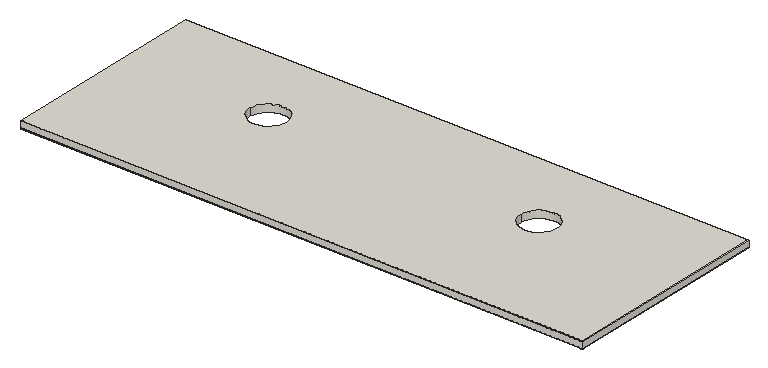
Revit family "Furniture-Counter_Top-KOHLER-Landshapes-K-32316_1", category Specialty Equipment, host Face, Revit 2021
Family settings
  Host = Face
  Round Connector Dimension = Use Diameter
  Part Type = Normal
  OmniClass Number = 23.31.25.00
  OmniClass Title = Toilet and Bath Specialties
  Cut with Voids When Loaded = No
  Shared = No
  Room Calculation Point = No
Parameters (values of type "HEL-Liquid Shell")
  Width = 61.14173"  # constant formula
  WaterSense Certified = 1 = 0  # no
  URL = "https://www.us.kohler.com/us/"
  Type = 1
  Product Page URL = "http://www.us.kohler.com/us/catalog/productDetails.jsp?productNumber=32316"
  Product Name = "Landshapes"  # constant formula
  Product Documentation Link = "https://www.us.kohler.com/webassets/kpna/catalog/pdf/en/K-32316_spec_US-CA_Kohler_en.pdf"
  Model = if(Type = 1, "K-32316-HEL", "NA")  # "K-32316-HEL"
  Material = "Solid Surface"  # constant formula
  Master Format 2014 Name = "Toilet, Bath, and Laundry Accessories"  # constant formula
  Master Format 2014 = "10 28 00"  # constant formula
  Manufacturer Address = "444 Highland Dr, Kohler, WI 53044"  # constant formula
  Manufacturer = "Kohler Co."  # constant formula
  Length = 22.40157"  # constant formula
  Height = 0.7874"  # constant formula
  Finish = KOHLER-Quartz-HEL-Liquid_Shell
  Environmental Product Declaration = ""
  Description = "60 Inches silestone Top Daniel Arsham"  # constant formula
  Default Elevation = 36"
  Declare Label = ""
  Date Modified = "04/12/2024"  # constant formula
  Date Created = "04/12/2024"  # constant formula
  Copyright = "Copyright Kohler Co."  # constant formula
  Contact Us = "https://www.us.kohler.com/us/static/contact.jsp"
  Assembly Code = "C1030200"
  ADA Compliant = 1 = 0  # no
Reference planes (in)
  plane 1 "Center (Front/Back)": y = 0
  plane 2: z = 0
  plane 3 "Center (Left/Right)": x = 0
  plane 4: y = 11.20079
  plane 5: y = -11.20079
  plane 6: x = -30.57087
  plane 7: y = 2.65748
  plane 8: z = 0.7874
  plane 9: x = 30.57087
  plane 10: x = -14.70472
  plane 11: x = 14.70472
Dimensions and locks (in)
  "Length": plane 4 to plane 5
  plane 7 to plane 5 = 13.85827"
  "Height": plane 8 to level
  "Width": plane 6 to plane 9
  aligned and locked: plane 2 to host face
  aligned and locked: level to host face
  aligned and locked: plane 3 "Center (Left/Right)" to nested 1
  aligned and locked: plane 6 to nested 1
Automatic sketch dimensions
  host sketch curve to host sketch curve = 96"  (x2)
Nested families (in)
  nested 1: "K-32316" at (0, 0, 0), type "K-32316"
Definition of nested family "K-32316"
  Parameters (values of type "K-32316")
    Material = none
    Default Elevation = 0"
  Reference planes (in)
    plane 1 "Center (Front/Back)": y = 0
    plane 2: z = 0
    plane 3 "Center (Left/Right)": x = 0
    plane 4: y = 11.20079
    plane 5: y = -11.20079
    plane 6: y = 2.65748
    plane 7: x = -30.57087
    plane 8: x = 30.57087
    plane 9: z = 0.7874
    plane 10: x = -30.57087
    plane 11: x = 30.57087
    plane 12: x = 14.70472
    plane 13: x = -14.70472
  Forms (in)
    Sweep 1, solid, material <- "Material", detail levels medium+fine
      path origin (0, 0, 0) x (1, 0, 0) y (0, 1, 0)
        loop
          line (30.57087, -11.20079) -> (30.57087, 11.20079) -> (-30.57087, 11.20079) -> (-30.57087, -11.20079) -> (30.57087, -11.20079)
      profile origin (0, -11.20079, 0) x (0, -1, 0) y (0, 0, 1)
        loop
          line (0, 0.059) -> (0, 0.7284) -> (-0.059, 0.7874) -> (-0.104, 0.7874) -> (-0.104, 0) -> (-0.059, 0) -> (0, 0.059)
    Extrusion 2, solid, material <- "Material", detail levels medium+fine
      sketch origin (0, 0, 0) x (1, 0, 0) y (0, 1, 0)
        loop
          circle (14.70484, 2.6378) r 1.9685
        loop
          line (30.46687, 11.09679) -> (-30.46687, 11.09679) -> (-30.46687, -11.09679) -> (30.46687, -11.09679) -> (30.46687, 11.09679)
        loop
          circle (-14.70484, 2.6378) r 1.9685
      from 0 to 0.7874
    Extrusion 3, solid, material <- "Material", detail levels coarse
      sketch origin (0, 0, 0) x (1, 0, 0) y (0, 1, 0)
        loop
          line (-30.57087, -11.20079) -> (30.57087, -11.20079) -> (30.57087, 11.20079) -> (-30.57087, 11.20079) -> (-30.57087, -11.20079)
        loop
          circle (14.70472, 2.6378) r 1.9685
        loop
          circle (-14.70472, 2.6378) r 1.9685
      from 0 to 0.7874
  Cuts and joins
    joined: Sweep 1, Extrusion 2
  Lines and regions (in)
    Masking region 1
      outline origin (0, 0, 0) x (1, 0, 0) y (0, 1, 0)
        loop
          line (-30.57087, 11.14179) -> (-30.57087, 0) -> (-30.57087, -11.14179) -> (-30.51187, -11.20079) -> (30.51187, -11.20079) -> (30.57087, -11.14179) -> (30.57087, 0) -> (30.57087, 11.14179) -> (30.51187, 11.20079) -> (-30.51187, 11.20079) -> (-30.57087, 11.14179)
        loop
          circle (14.7019, 2.6378) r 1.9685
        loop
          circle (-14.7019, 2.6378) r 1.9685
    Masking region 2
      outline origin (0, 0, 0) x (1, 0, 0) y (0, 0, 1)
        loop
          line (0, 0) -> (30.51187, 0) -> (30.57087, 0.059) -> (30.57087, 0.7284) -> (30.51187, 0.7874) -> (0, 0.7874) -> (-30.51187, 0.7874) -> (-30.57087, 0.7284) -> (-30.57087, 0.059) -> (-30.51187, 0) -> (0, 0)
    Masking region 3
      outline origin (0, 0, 0) x (0, 1, 0) y (0, 0, 1)
        loop
          line (11.20079, 0.7284) -> (11.14179, 0.7874) -> (-11.16147, 0.7874) -> (-11.20079, 0.74809) -> (-11.20079, 0.03931) -> (-11.16147, 0) -> (11.14179, 0) -> (11.20079, 0.059) -> (11.20079, 0.7284)
    symbolic lines, detail levels medium+fine
      curve 1: line (-30.51187, -11.14179, 0) -> (-30.51187, 11.14179, 0)
      curve 2: line (-30.51187, -11.14179, 0) -> (30.51187, -11.14179, 0)
      curve 3: line (-30.51187, 11.14179, 0) -> (30.51187, 11.14179, 0)
      curve 4: line (30.51187, -11.14179, 0) -> (30.51187, 11.14179, 0)
      curve 5: line (30.51187, 11.14179, 0) -> (30.54137, 11.17129, 0)
      curve 6: line (30.51187, -11.14179, 0) -> (30.54137, -11.17129, 0)
      curve 7: line (-30.51187, -11.14179, 0) -> (-30.54137, -11.17129, 0)
      curve 8: line (-30.51187, 11.14179, 0) -> (-30.54137, 11.17129, 0)
      curve 9: line (-30.51187, 0, 0.059) -> (-30.51187, 0, 0.7284)
      curve 10: line (30.51187, 0, 0.059) -> (-30.51187, 0, 0.059)
      curve 11: line (30.51187, 0, 0.7284) -> (-30.51187, 0, 0.7284)
      curve 12: line (30.51187, 0, 0.7284) -> (30.51187, 0, 0.059)
      curve 13: line (30.51187, 0, 0.7284) -> (30.54137, 0, 0.7579)
      curve 14: line (30.51187, 0, 0.059) -> (30.54137, 0, 0.0295)
      curve 15: line (-30.51187, 0, 0.7284) -> (-30.54137, 0, 0.7579)
      curve 16: line (-30.51187, 0, 0.059) -> (-30.54137, 0, 0.0295)
      curve 17: line (0, -11.16147, 0.7284) -> (0, 11.14179, 0.7284)
      curve 18: line (0, 11.14179, 0.7284) -> (0, 11.14179, 0.059)
      curve 19: line (0, -11.16147, 0.059) -> (0, 11.14179, 0.059)
      curve 20: line (0, -11.16147, 0.059) -> (0, -11.16147, 0.7284)
      curve 21: line (0, -11.16147, 0.7284) -> (0, -11.18113, 0.76774)
      curve 22: line (0, -11.16147, 0.059) -> (0, -11.18113, 0.01966)
      curve 23: line (0, 11.14179, 0.7284) -> (0, 11.17129, 0.7579)
      curve 24: line (0, 11.14179, 0.059) -> (0, 11.17129, 0.0295)
  Dimensions and locks (in)
    plane 4 to plane 5 = 22.40157"
    plane 6 to plane 5 = 13.85827"
    equal spacing: plane 7, plane 3 "Center (Left/Right)", plane 8
    plane 10 to plane 3 "Center (Left/Right)" = 30.57087"
    plane 12 to plane 11 = 15.86614"
    plane 13 to plane 12 = 29.40945"
    aligned and locked: level to plane 2
    aligned and locked: plane 7 to plane 10
  Automatic sketch dimensions
    curve 22 to plane 5 = 0.03931"
    curve 18 to plane 4 = 0.059"
    level to curve 20 = 0.059"
    curve 20 to plane 9 = 0.059"
    curve 21 to plane 5 = 0.01966"
    curve 22 to plane 5 = 0.01966"
    curve 24 to plane 4 = 0.0295"
    curve 23 to plane 4 = 0.0295"
    level to curve 24 = 0.0295"
    level to curve 22 = 0.01966"
    curve 23 to plane 9 = 0.0295"
    curve 21 to plane 9 = 0.01966"
    plane 7 to curve 10 = 0.059"
    plane 8 to curve 13 = 0.059"
    level to curve 10 = 0.059"
    curve 13 to plane 9 = 0.059"
    plane 7 to curve 16 = 0.0295"
    plane 7 to curve 15 = 0.0295"
    plane 8 to curve 14 = 0.0295"
    plane 8 to curve 13 = 0.0295"
    level to curve 16 = 0.0295"
    level to curve 14 = 0.0295"
    curve 15 to plane 9 = 0.0295"
    curve 13 to plane 9 = 0.0295"
    plane 7 to curve 8 = 0.059"
    plane 8 to curve 5 = 0.059"
    curve 2 to plane 5 = 0.059"
    curve 8 to plane 4 = 0.059"
    plane 7 to curve 8 = 0.0295"
    plane 7 to curve 7 = 0.0295"
    plane 8 to curve 6 = 0.0295"
    plane 8 to curve 5 = 0.0295"
    curve 7 to plane 5 = 0.0295"
    curve 6 to plane 5 = 0.0295"
    curve 8 to plane 4 = 0.0295"
    curve 5 to plane 4 = 0.0295"
    plane 5 to Sweep 1 sketch curve = 0"
    Sweep 1 sketch curve to plane 7 = 0"
    Sweep 1 sketch curve to plane 4 = 0"
    Sweep 1 sketch curve to plane 8 = 0"
    Sweep 1 sketch curve to level = 0"
    Sweep 1 sketch curve to profile plane = 0"
    profile plane to Sweep 1 sketch curve = 0.059"  (x2)
    Sweep 1 sketch curve to Sweep 1 sketch curve = 0.045"
    level to Sweep 1 sketch curve = 0.059"
    Sweep 1 sketch curve to Sweep 1 sketch curve = 0.6694"
    Sweep 1 sketch curve to Sweep 1 sketch curve = 0.059"
    Masking region 2 sketch curve to plane 7 = 0"
    Masking region 2 sketch curve to level = 0"
    Masking region 2 sketch curve to plane 3 "Center (Left/Right)" = 0"  (x2)
    plane 8 to Masking region 2 sketch curve = 0"
    plane 9 to Masking region 2 sketch curve = 0"
    plane 7 to Masking region 2 sketch curve = 0.059"  (x2)
    plane 8 to Masking region 2 sketch curve = 0.059"  (x2)
    level to Masking region 2 sketch curve = 0.059"  (x2)
    Masking region 2 sketch curve to plane 9 = 0.059"  (x2)
    Masking region 3 sketch curve to plane 5 = 0"
    Masking region 3 sketch curve to level = 0"
    Masking region 3 sketch curve to plane 4 = 0"
    plane 9 to Masking region 3 sketch curve = 0"
    Masking region 3 sketch curve to plane 5 = 0.03931"  (x2)
    Masking region 3 sketch curve to plane 4 = 0.059"  (x2)
    level to Masking region 3 sketch curve = 0.03931"
    level to Masking region 3 sketch curve = 0.059"
    Masking region 3 sketch curve to plane 9 = 0.059"
    Masking region 3 sketch curve to plane 9 = 0.03931"
    Masking region 3 sketch curve to Masking region 3 sketch curve = 0"
    Masking region 1 sketch curve to Masking region 1 sketch curve = 0"  (x4)
    Masking region 1 sketch curve to plane 7 = 0"
    Masking region 1 sketch curve to plane 4 = 0"
    plane 5 to Masking region 1 sketch curve = 0"
    Masking region 1 sketch curve to plane 8 = 0"
    plane 1 "Center (Front/Back)" to Masking region 1 sketch curve = 0"  (x2)
    plane 7 to Masking region 1 sketch curve = 0.059"  (x2)
    Masking region 1 sketch curve to plane 13 = 0.00282"
    plane 12 to Masking region 1 sketch curve = 0.00282"
    plane 8 to Masking region 1 sketch curve = 0.059"  (x2)
    Masking region 1 sketch curve to plane 5 = 0.059"  (x2)
    Masking region 1 sketch curve to plane 6 = 0.01969"  (x2)
    Masking region 1 sketch curve to plane 4 = 0.059"  (x2)
    plane 13 to Masking region 1 sketch curve = 1.96568"
    Masking region 1 sketch curve to Masking region 1 sketch curve = 1.9685"
    Extrusion 3 sketch curve to Extrusion 3 sketch curve = 0"  (x4)
    Extrusion 3 sketch curve to plane 4 = 0"
    Extrusion 3 sketch curve to plane 7 = 0"
    Extrusion 3 sketch curve to plane 13 = 0"
    Extrusion 3 sketch curve to plane 12 = 0"
    Extrusion 3 sketch curve to plane 8 = 0"
    plane 5 to Extrusion 3 sketch curve = 0"
    Extrusion 3 sketch curve to plane 6 = 0.01969"  (x2)
    Extrusion 3 sketch curve to Extrusion 3 sketch curve = 1.9685"
    plane 12 to Extrusion 3 sketch curve = 1.9685"
    Extrusion 2 sketch curve to Extrusion 2 sketch curve = 0"  (x4)
    plane 7 to Extrusion 2 sketch curve = 0.104"
    plane 13 to Extrusion 2 sketch curve = 0.00011"
    Extrusion 2 sketch curve to plane 12 = 0.00011"
    plane 8 to Extrusion 2 sketch curve = 0.104"
    Extrusion 2 sketch curve to plane 5 = 0.104"
    Extrusion 2 sketch curve to plane 6 = 0.01969"  (x2)
    Extrusion 2 sketch curve to plane 4 = 0.104"
    Extrusion 2 sketch curve to Extrusion 2 sketch curve = 1.9685"
    plane 12 to Extrusion 2 sketch curve = 1.96839"
